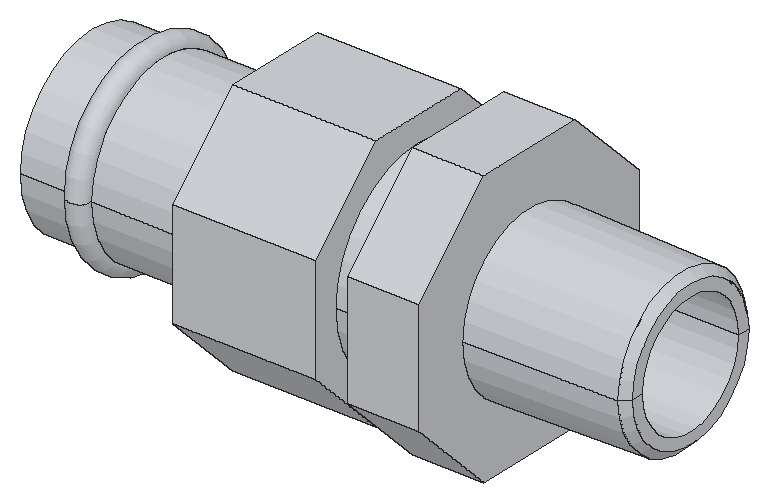
Revit family "PipeFitting_UnionMale_PressWater-B_Conex", category Pipe Fittings, Revit 2019
Family settings
  Round Connector Dimension = Use Radius
  Part Type = Union
  OmniClass Number = 23.60.30.11.14
  OmniClass Title = Pipework Fittings
  Work Plane-Based = No
  Always vertical = Yes
  Cut with Voids When Loaded = No
  Shared = No
Parameters (values of type "Standard_MaleUnion")
  h1 [instance] = size_lookup(Lookup Table Name, "H1", 50.00 mm, NominalDiameter)  # 4.50 mm
  Z [instance] = size_lookup(Lookup Table Name, "Z", 50.00 mm, NominalDiameter)  # 46.00 mm
  Y [instance] = X * 0.5  # 7.50 mm
  X [instance] = size_lookup(Lookup Table Name, "X", 50.00 mm, NominalDiameter)  # 15.00 mm
  Uniformat IIElements = "TBC"
  URL = "http://www.conexbanninger.com.au/"
  Type Comments = "Conex Bänninger specialises in providing the best plumbing fittings and accessories across the globe by offering innovative and versatile jointing solutions. Since 1909 Conex Bänninger has produced over 10 billion copper fittings and has built its reputation for quality manufacturing, back by first-class customer service and unrivalled expertise. Passionate about excellence, Conex Bänninger is a byword for quality in the domestic, commercial, industrial, air conditioning and refrigeration markets worldwide.\r\nConex Bänninger is an ISO 9000 quality assured company, which assures you the very best in quality.\r\nConex Bänninger >B< Press is a versatile press fitting system for use with hard, half hard or soft copper tube providing a secure, life long, leak-proof joint.\r\nApproved Tools - The following tools are approved tools for installation of >B< Press fittings:\r\n•\tRomax compact (Rothenberger)\r\n•\tRomax 3000 (Rothenberger)\r\n•\tPicco (Viega)\r\n•\tPT3-AH & 4B (Viega)"
  SerialNumber [instance] = ""
  ProductCode [instance] = if(NominalDiameter = 15.00 mm, "404677", if(NominalDiameter = 20.00 mm, "404678", if(NominalDiameter = 25.00 mm, "404679", if(NominalDiameter = 32.00 mm, "404680", if(NominalDiameter = 40.00 mm, "404681", if(NominalDiameter = 50.00 mm, "404682", "ProductCode NA"))))))  # "404677"
  OmniclassProducts = "TBC"
  NominalRadius_R [instance] = NominalDiameter_R * 0.5  # 6.375 mm
  NominalDiameter [instance] = 15.00 mm
  S2 [instance] = size_lookup(Lookup Table Name, "S1", 50.00 mm, NominalDiameter)  # 29.00 mm
  S1 [instance] = size_lookup(Lookup Table Name, "S2", 50.00 mm, NominalDiameter)  # 27.00 mm
  NominalDiameter_R [instance] = size_lookup(Lookup Table Name, "NominalDiameter_R", 50.00 mm, NominalDiameter)  # 12.75 mm
  Offset1 [instance] = L - Z  # 17.00 mm
  NATSPECWorkSection = "TBC"
  ModifiedIssue_ANZRS = 20130927.63
  Model Version = "2013-03"
  Model Status [instance] = ""
  Model Specification = "BMA"
  Model = "Standard_MaleUnion"
  Material = none
  Mark [instance] = ""
  Manufacturer = "Conex | Bänninger"  # constant formula
  Lookup Table Name = "Union Male_PressWater-B_Conex"
  Left Offset [instance] = L - Z  # 17.00 mm
  H3 [instance] = size_lookup(Lookup Table Name, "H3", 50.00 mm, NominalDiameter)  # 5.00 mm
  NominalRadius_D1 [instance] = NominalDiameter / 2  # 7.50 mm
  L [instance] = size_lookup(Lookup Table Name, "L", 50.00 mm, NominalDiameter)  # 63.00 mm
  FinalHHWFlow = 0.0 L/s
  Description = ">B< Press fittings are quick to fit, providing a low cost installation solution. The slimline design gives aesthetically pleasing finish with a secure, permanent joint that can´t be tampered with. >B< Press fittings are Watermark\r\n approved and certified to AS3688.\r\n\r\n approved and certified to AS3688."
  CreatedBy_ANZRS = "A2K Technologies"
  CreatedByURL_ANZRS = "http://www.bimmepaus.com.au/"
  Assembly Code = "D2090800"
Reference planes
  plane 1 "Center (Front/Back)": y = 0
  plane 2: z = 0
  plane 3 "Center (Left/Right)": x = 0
  plane 4 "Left": x = -63
  plane 5: x = -46
Forms (mm)
  Extrusion 1, solid, material <- "Material", detail levels fine
    sketch origin (-43.717, 0, 0) x (0, 1, 0) y (0, 0, 1)
      loop
        circle (0, 0) r 6.375
      loop
        line (-13.5, -5.592) -> (-5.592, -13.5) -> (5.592, -13.5) -> (13.5, -5.592) -> (13.5, 5.592) -> (5.592, 13.5) -> (-5.592, 13.5) -> (-13.5, 5.592) -> (-13.5, -5.592)
    from -0.001 to 14.999
  Extrusion 2, solid, material <- "Material", detail levels fine
    sketch origin (-39.749, 0, 0) x (0, 1, 0) y (0, 0, 1)
      loop
        circle (0, 0) r 6.375
      loop
        line (-14.5, -6.006) -> (-6.006, -14.5) -> (6.006, -14.5) -> (14.5, -6.006) -> (14.5, 6.006) -> (6.006, 14.5) -> (-6.006, 14.5) -> (-14.5, 6.006) -> (-14.5, -6.006)
    from 15.249 to 22.749
  Revolve 3, solid, material <- "Material", detail levels fine
    sketch origin (-31.499, 0, 0) x (1, 0, 0) y (0, 1, 0)
      loop
        line (-31.501, 7.5) -> (-14.501, 7.5) -> (-14.501, 9.5) -> (-24.026, 9.5)
        arc (-24.026, 9.5) -> (-25.264, 10.738) -> (-26.501, 9.5) r 1.238
        line (-26.501, 9.5) -> (-31.501, 9.5) -> (-31.501, 7.5)
      axis (-14.501, 0) -> (-31.501, 0)
    angle from 0 to 360
  Revolve 4, solid, material <- "Material", detail levels fine
    sketch origin (-31.499, 0, 0) x (1, 0, 0) y (0, 1, 0)
      loop
        line (14.499, 6.375) -> (31.499, 6.375) -> (31.499, 7.612) -> (30.644, 8.468) -> (14.499, 8.825) -> (14.499, 6.375)
      axis (14.499, 0) -> (31.499, 0)
    angle from 0 to 360
  Revolve 5, solid, material <- "Material", detail levels fine
    sketch origin (0, 0, 0) x (1, 0, 0) y (0, 1, 0)
      loop
        line (-24.5, 11.617) -> (-25.559, 10.875) -> (-28.719, 10.875) -> (-28.719, 6.375) -> (-24.5, 6.375) -> (-24.5, 11.617)
      axis (-28.719, 0) -> (-24.5, 0)
    angle from 0 to 360
  Revolve 6, solid, material <- "Material", detail levels fine
    sketch origin (0, 0, 0) x (1, 0, 0) y (0, 1, 0)
      loop
        line (-46, 7.5) -> (-43.719, 7.5) -> (-43.719, 12.5) -> (-46, 9.5) -> (-46, 7.5)
      axis (-46, 0) -> (-43.719, 0)
    angle from 0 to 360
Dimensions and locks
  "S1": Extrusion 1 sketch curve to Extrusion 1 sketch curve  (x4)
  equal spacing: Extrusion 1 sketch curve, plane 1 "Center (Front/Back)", Extrusion 1 sketch curve  (x3)
  equal spacing: Extrusion 1 sketch curve, level, Extrusion 1 sketch curve
  "S2": Extrusion 2 sketch curve to Extrusion 2 sketch curve  (x4)
  equal spacing: Extrusion 2 sketch curve, plane 1 "Center (Front/Back)", Extrusion 2 sketch curve  (x3)
  equal spacing: Extrusion 2 sketch curve, level, Extrusion 2 sketch curve
  Revolve 4 sketch curve to Revolve 4 sketch curve = 0.854 mm
  locked: Revolve 3 sketch curve to Revolve 3 sketch curve at 2.476
  "NominalRadius_D1": plane 1 "Center (Front/Back)" to Revolve 3 sketch curve
  "Y": Extrusion 2 to Extrusion 2
  "L": plane 4 "Left" to plane 3 "Center (Left/Right)"
  locked: Revolve 4 sketch curve to Revolve 4 sketch curve at 1.237
  locked: Revolve 4 sketch curve to Revolve 4 sketch curve at 1.209
  "X": Extrusion 1 to Extrusion 1
  locked: Revolve 3 sketch curve to Revolve 3 sketch curve at 1.238
  locked: Revolve 3 sketch curve to Revolve 3 sketch curve at 2
  "Offset1": Revolve 4 sketch curve to Revolve 4 sketch curve
  locked: Revolve 5 sketch curve to Revolve 5 sketch curve at 1.293
  "h1": Revolve 5 sketch curve to Revolve 5 sketch curve
  locked: Revolve 5 sketch curve to Revolve 5 sketch curve at 0.742
  "Z": plane 5 to plane 3 "Center (Left/Right)"
  "NominalRadius_R": plane 1 "Center (Front/Back)" to Revolve 5 sketch curve
  locked: Revolve 6 sketch curve to Revolve 6 sketch curve at 2
  "NominalRadius_D1": plane 1 "Center (Front/Back)" to Revolve 6 sketch curve
  "H3": Revolve 6 sketch curve to Revolve 6 sketch curve
  locked: plane 5 to Extrusion 1 at 2.281
  "NominalRadius_R": plane 1 "Center (Front/Back)" to Revolve 4 sketch curve
  "NominalRadius_R": radius of Extrusion 1 sketch curve
  "NominalRadius_R": radius of Extrusion 2 sketch curve
  angle Extrusion 1 sketch curve to Extrusion 1 sketch curve = 135.00°  (x8)
  angle Extrusion 2 sketch curve to Extrusion 2 sketch curve = 135.00°  (x7)
  angle Extrusion 2 sketch curve to Extrusion 1 = 135.00°
  locked: Revolve 4 sketch curve to Revolve 4 sketch curve (angle 1.26705°)
  aligned and locked: plane 2 to level
  aligned and locked: Extrusion 2 to Revolve 4 sketch curve
  aligned and locked: plane 1 "Center (Front/Back)" to Revolve 4 sketch curve
  aligned and locked: Revolve 4 to plane 3 "Center (Left/Right)"
  aligned and locked: Revolve 5 to Extrusion 1
  aligned and locked: Revolve 5 sketch curve to Extrusion 2
  aligned and locked: plane 1 "Center (Front/Back)" to nested 1
  aligned and locked: plane 3 "Center (Left/Right)" to nested 1
  aligned and locked: plane 1 "Center (Front/Back)" to Revolve 6 sketch curve
  aligned and locked: Revolve 6 sketch curve to plane 5
  aligned and locked: Revolve 6 sketch curve to Extrusion 1
Automatic sketch dimensions
  Extrusion 1 sketch curve to level = 0.00 mm
  Extrusion 1 sketch curve to plane 1 "Center (Front/Back)" = 0.00 mm
  Extrusion 2 sketch curve to level = 0.00 mm
  Extrusion 2 sketch curve to plane 1 "Center (Front/Back)" = 0.00 mm
  plane 1 "Center (Front/Back)" to Revolve 3 sketch curve = 0.00 mm
  Revolve 3 sketch curve to plane 4 "Left" = 0.00 mm
  Revolve 3 sketch curve to plane 5 = 0.00 mm
  Revolve 3 sketch curve to plane 4 "Left" = 5.00 mm
  plane 4 "Left" to Revolve 3 sketch curve = 5.00 mm
  Revolve 3 sketch curve to Revolve 3 sketch curve = 10.00 mm
  Revolve 4 sketch curve to plane 3 "Center (Left/Right)" = 8.342 mm
  Revolve 4 sketch curve to Revolve 4 sketch curve = 3.763 mm
  plane 1 "Center (Front/Back)" to Revolve 5 sketch curve = 0.00 mm
  Revolve 5 sketch curve to Revolve 5 sketch curve = 3.159 mm
  Revolve 5 sketch curve to Revolve 5 sketch curve = 2.082 mm
  Revolve 5 sketch curve to Revolve 5 sketch curve = 5.588 mm
  Revolve 6 sketch curve to plane 4 "Left" = 7.00 mm
  Revolve 6 sketch curve to Revolve 6 sketch curve = 19.019 mm
Nested families
  nested 1: "Union_S" at (-31.5, 0, 0), type "Union_S", detail levels coarse+medium
Connectors
  piping at (-46, 0, 0), diameter 15, driven by "NominalRadius_D1"
    settings: on Revolve 3, index 3, connector inside diameter 609.6 mm, connector length 0.00 mm, flow factor 0, pipe flow 0.0 L/s, pressure drop 0.0 Pa, fitting loss kfactor 0, connector angle 0.00°, fixture units 0, engagement length 0.00 mm, angle of deflection 0.00°, flow configuration 0, flow direction 0, fitting loss method 0, system type 28, joint type 0, gender type 0, connector reference index -1, connector utility 0, adjustable connector no, is connector primary yes, connector description ""
  piping at (-17, 0, 0), diameter 12.75, driven by "NominalRadius_R"
    settings: on Extrusion 2, index 4, connector inside diameter 609.6 mm, connector length 0.00 mm, flow factor 0, pipe flow 0.0 L/s, pressure drop 0.0 Pa, fitting loss kfactor 0, connector angle 0.00°, fixture units 0, engagement length 0.00 mm, angle of deflection 0.00°, flow configuration 0, flow direction 0, fitting loss method 0, system type 28, joint type 0, gender type 0, connector reference index -1, connector utility 0, adjustable connector no, is connector primary no, connector description ""
Definition of nested family "Union_S"
  Parameters
    D = 15.00 mm
    L = 55.00 mm
  Reference planes
    plane 1 "Center (Front/Back)": y = 0
    plane 2: z = 0
    plane 3 "Center (Left/Right)": x = 0
  Lines and regions (mm)
    model lines
      curve 1: line (-27.5, 0, 0) -> (27.5, 0, 0)
      curve 2: line (27.5, -7.5, 0) -> (27.5, 7.5, 0)
      curve 3: line (-27.5, -7.5, 0) -> (-27.5, 7.5, 0)
  Dimensions and locks
    "L": curve 3 to curve 2
    equal spacing: curve 3, plane 3 "Center (Left/Right)", curve 2
    equal spacing: curve 2, plane 1 "Center (Front/Back)", curve 2
    "D": curve 2 to curve 2
    "D": curve 3 to curve 3
    equal spacing: curve 3, plane 1 "Center (Front/Back)", curve 3
    aligned and locked: level to plane 2
    aligned and locked: plane 1 "Center (Front/Back)" to curve 1
